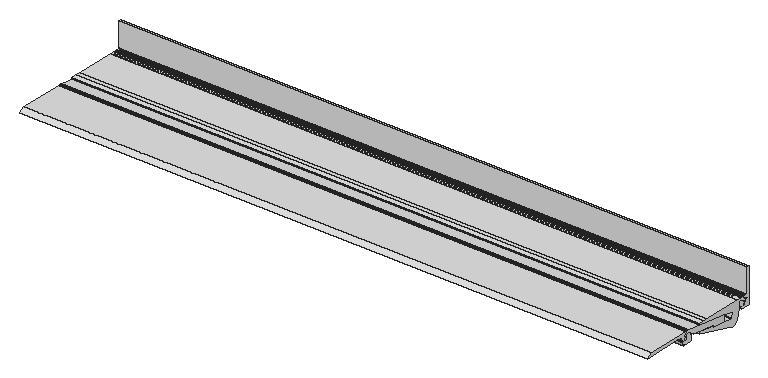
Revit family "Construction-Floors-Conecto-Aluminium Joints ALU AL.130.21", category Specialty Equipment, Revit 2015 (continued)
Definition of nested family "Standard"
  Automatic sketch dimensions
    Extrusion 18 sketch curve to Extrusion 18 sketch curve = 4.118 mm
    Extrusion 18 sketch curve to Extrusion 18 sketch curve = 0.069 mm
    Extrusion 18 sketch curve to Extrusion 18 sketch curve = 0.189 mm
    Extrusion 18 sketch curve to Extrusion 18 sketch curve = 0.132 mm
    Extrusion 18 sketch curve to Extrusion 18 sketch curve = 0.433 mm
    Extrusion 18 sketch curve to Extrusion 18 sketch curve = 0.556 mm
    Extrusion 18 sketch curve to Extrusion 18 sketch curve = 0.586 mm
    Extrusion 18 sketch curve to Extrusion 18 sketch curve = 0.467 mm
    Extrusion 18 sketch curve to Extrusion 18 sketch curve = 0.54 mm
    Extrusion 18 sketch curve to Extrusion 18 sketch curve = 0.734 mm
    Extrusion 18 sketch curve to Extrusion 18 sketch curve = 0.731 mm
    Extrusion 18 sketch curve to Extrusion 18 sketch curve = 0.807 mm
    Extrusion 18 sketch curve to Extrusion 18 sketch curve = 0.833 mm
    Extrusion 18 sketch curve to Extrusion 18 sketch curve = 0.78 mm
    Extrusion 18 sketch curve to Extrusion 18 sketch curve = 0.732 mm
    Extrusion 18 sketch curve to Extrusion 18 sketch curve = 0.914 mm
    plane 5 to Extrusion 18 sketch curve = 0.641 mm
    plane 5 to Extrusion 18 sketch curve = 0.242 mm
    Extrusion 18 sketch curve to Extrusion 18 sketch curve = 0.531 mm
    Extrusion 18 sketch curve to Extrusion 18 sketch curve = 0.532 mm
    Extrusion 18 sketch curve to Extrusion 18 sketch curve = 0.709 mm
    Extrusion 18 sketch curve to Extrusion 18 sketch curve = 0.883 mm
    Extrusion 18 sketch curve to Extrusion 18 sketch curve = 0.643 mm
    Extrusion 18 sketch curve to Extrusion 18 sketch curve = 0.964 mm
    Extrusion 18 sketch curve to Extrusion 18 sketch curve = 0.834 mm
    Extrusion 18 sketch curve to Extrusion 18 sketch curve = 2.188 mm
    Extrusion 18 sketch curve to Extrusion 18 sketch curve = 0.784 mm
    Extrusion 18 sketch curve to Extrusion 18 sketch curve = 1.019 mm
    Extrusion 18 sketch curve to Extrusion 18 sketch curve = 0.89 mm
    Extrusion 18 sketch curve to Extrusion 18 sketch curve = 1.097 mm
    Extrusion 18 sketch curve to Extrusion 18 sketch curve = 0.938 mm
    Extrusion 18 sketch curve to Extrusion 18 sketch curve = 1.103 mm
    Extrusion 18 sketch curve to Extrusion 18 sketch curve = 0.798 mm
    Extrusion 18 sketch curve to Extrusion 18 sketch curve = 1.151 mm
    Extrusion 18 sketch curve to Extrusion 18 sketch curve = 0.621 mm
    Extrusion 18 sketch curve to Extrusion 18 sketch curve = 0.495 mm
    Extrusion 18 sketch curve to Extrusion 18 sketch curve = 0.64 mm
    Extrusion 18 sketch curve to Extrusion 18 sketch curve = 0.31 mm
    Extrusion 18 sketch curve to Extrusion 18 sketch curve = 0.281 mm
    Extrusion 18 sketch curve to Extrusion 18 sketch curve = 0.157 mm
    Extrusion 18 sketch curve to Extrusion 18 sketch curve = 0.166 mm
    Extrusion 18 sketch curve to Extrusion 18 sketch curve = 0.93 mm
    Extrusion 18 sketch curve to Extrusion 18 sketch curve = 1.828 mm
    Extrusion 18 sketch curve to Extrusion 18 sketch curve = 1.04 mm
    Extrusion 18 sketch curve to Extrusion 18 sketch curve = 0.911 mm
    Extrusion 18 sketch curve to Extrusion 18 sketch curve = 0.491 mm
    Extrusion 18 sketch curve to Extrusion 18 sketch curve = 1.053 mm
    Extrusion 18 sketch curve to Extrusion 18 sketch curve = 1.425 mm
    plane 5 to Extrusion 19 sketch curve = 74.364 mm
    Extrusion 19 sketch curve to Extrusion 19 sketch curve = 0.43 mm
    Extrusion 19 sketch curve to Extrusion 19 sketch curve = 2.098 mm
    Extrusion 19 sketch curve to Extrusion 19 sketch curve = 1.054 mm  (x2)
    plane 5 to Extrusion 19 sketch curve = 17.556 mm
    Extrusion 19 sketch curve to Extrusion 19 sketch curve = 0.775 mm
    Extrusion 19 sketch curve to Extrusion 19 sketch curve = 0.377 mm
    Extrusion 19 sketch curve to Extrusion 19 sketch curve = 2.284 mm
    Extrusion 19 sketch curve to Extrusion 19 sketch curve = 0.065 mm
    Extrusion 19 sketch curve to Extrusion 19 sketch curve = 0.485 mm
    Extrusion 19 sketch curve to Extrusion 19 sketch curve = 0.623 mm  (x2)
    Extrusion 19 sketch curve to Extrusion 19 sketch curve = 1.105 mm
    Extrusion 19 sketch curve to Extrusion 19 sketch curve = 1.02 mm
    Extrusion 19 sketch curve to Extrusion 19 sketch curve = 0.107 mm
    Extrusion 19 sketch curve to Extrusion 19 sketch curve = 0.272 mm
    Extrusion 19 sketch curve to Extrusion 19 sketch curve = 0.182 mm
    Extrusion 19 sketch curve to Extrusion 19 sketch curve = 0.098 mm
    Extrusion 19 sketch curve to Extrusion 19 sketch curve = 4.529 mm
    Extrusion 19 sketch curve to Extrusion 19 sketch curve = 0.102 mm
    Extrusion 19 sketch curve to Extrusion 19 sketch curve = 0.291 mm
    Extrusion 19 sketch curve to Extrusion 19 sketch curve = 0.591 mm
    Extrusion 19 sketch curve to Extrusion 19 sketch curve = 0.304 mm
    Extrusion 19 sketch curve to Extrusion 19 sketch curve = 0.332 mm
    Extrusion 19 sketch curve to Extrusion 19 sketch curve = 0.574 mm
    Extrusion 19 sketch curve to Extrusion 19 sketch curve = 0.589 mm
    Extrusion 19 sketch curve to Extrusion 19 sketch curve = 0.534 mm
    Extrusion 19 sketch curve to Extrusion 19 sketch curve = 0.778 mm
    Extrusion 19 sketch curve to Extrusion 19 sketch curve = 2.296 mm
    Extrusion 19 sketch curve to Extrusion 19 sketch curve = 1.352 mm
    Extrusion 19 sketch curve to Extrusion 19 sketch curve = 4.118 mm
    Extrusion 19 sketch curve to Extrusion 19 sketch curve = 0.069 mm
    Extrusion 19 sketch curve to Extrusion 19 sketch curve = 0.189 mm
    Extrusion 19 sketch curve to Extrusion 19 sketch curve = 0.132 mm
    Extrusion 19 sketch curve to Extrusion 19 sketch curve = 0.433 mm
    Extrusion 19 sketch curve to Extrusion 19 sketch curve = 1.397 mm
    Extrusion 19 sketch curve to Extrusion 19 sketch curve = 0.556 mm
    Extrusion 19 sketch curve to Extrusion 19 sketch curve = 0.586 mm
    Extrusion 19 sketch curve to Extrusion 19 sketch curve = 0.467 mm
    Extrusion 19 sketch curve to Extrusion 19 sketch curve = 0.54 mm
    Extrusion 19 sketch curve to Extrusion 19 sketch curve = 4.097 mm
    Extrusion 19 sketch curve to Extrusion 19 sketch curve = 0.116 mm
    Extrusion 19 sketch curve to Extrusion 19 sketch curve = 1.064 mm
    Extrusion 19 sketch curve to Extrusion 19 sketch curve = 0.693 mm
    Extrusion 19 sketch curve to Extrusion 19 sketch curve = 0.734 mm  (x2)
    Extrusion 19 sketch curve to Extrusion 19 sketch curve = 0.249 mm
    Extrusion 19 sketch curve to Extrusion 19 sketch curve = 0.731 mm
    Extrusion 19 sketch curve to Extrusion 19 sketch curve = 0.807 mm
    Extrusion 19 sketch curve to Extrusion 19 sketch curve = 0.833 mm
    Extrusion 19 sketch curve to Extrusion 19 sketch curve = 0.78 mm
    Extrusion 19 sketch curve to Extrusion 19 sketch curve = 0.732 mm
    Extrusion 19 sketch curve to Extrusion 19 sketch curve = 0.914 mm
    plane 5 to Extrusion 19 sketch curve = 0.621 mm
    plane 5 to Extrusion 19 sketch curve = 0.222 mm
    Extrusion 19 sketch curve to Extrusion 19 sketch curve = 0.006 mm
    Extrusion 19 sketch curve to Extrusion 19 sketch curve = 0.829 mm
    Extrusion 19 sketch curve to Extrusion 19 sketch curve = 0.931 mm
    Extrusion 19 sketch curve to Extrusion 19 sketch curve = 0.856 mm
    Extrusion 19 sketch curve to Extrusion 19 sketch curve = 0.688 mm
    Extrusion 19 sketch curve to Extrusion 19 sketch curve = 1.414 mm
    Extrusion 19 sketch curve to Extrusion 19 sketch curve = 0.532 mm
    Extrusion 19 sketch curve to Extrusion 19 sketch curve = 0.883 mm
    Extrusion 19 sketch curve to Extrusion 19 sketch curve = 0.643 mm
    Extrusion 19 sketch curve to Extrusion 19 sketch curve = 0.964 mm
    Extrusion 19 sketch curve to Extrusion 19 sketch curve = 0.834 mm
    Extrusion 19 sketch curve to Extrusion 19 sketch curve = 2.188 mm
    Extrusion 19 sketch curve to Extrusion 19 sketch curve = 0.784 mm
    Extrusion 19 sketch curve to Extrusion 19 sketch curve = 1.019 mm
    Extrusion 19 sketch curve to Extrusion 19 sketch curve = 0.89 mm
    Extrusion 19 sketch curve to Extrusion 19 sketch curve = 1.097 mm
    Extrusion 19 sketch curve to Extrusion 19 sketch curve = 0.938 mm
    Extrusion 19 sketch curve to Extrusion 19 sketch curve = 1.103 mm
    Extrusion 19 sketch curve to Extrusion 19 sketch curve = 0.798 mm
    Extrusion 19 sketch curve to Extrusion 19 sketch curve = 1.151 mm
    Extrusion 19 sketch curve to Extrusion 19 sketch curve = 0.621 mm
    Extrusion 19 sketch curve to Extrusion 19 sketch curve = 0.495 mm
    Extrusion 19 sketch curve to Extrusion 19 sketch curve = 0.64 mm
    Extrusion 19 sketch curve to Extrusion 19 sketch curve = 0.31 mm
    Extrusion 19 sketch curve to Extrusion 19 sketch curve = 0.281 mm
    Extrusion 19 sketch curve to Extrusion 19 sketch curve = 0.157 mm
    Extrusion 19 sketch curve to Extrusion 19 sketch curve = 0.166 mm
    Extrusion 19 sketch curve to Extrusion 19 sketch curve = 0.93 mm
    Extrusion 19 sketch curve to Extrusion 19 sketch curve = 1.828 mm
    Extrusion 19 sketch curve to Extrusion 19 sketch curve = 1.04 mm
    Extrusion 19 sketch curve to Extrusion 19 sketch curve = 0.911 mm
    Extrusion 19 sketch curve to Extrusion 19 sketch curve = 0.491 mm
    Extrusion 19 sketch curve to Extrusion 19 sketch curve = 1.053 mm
    Extrusion 19 sketch curve to Extrusion 19 sketch curve = 2.626 mm
    plane 5 to Extrusion 20 sketch curve = 74.226 mm
    Extrusion 20 sketch curve to Extrusion 20 sketch curve = 0.749 mm
    Extrusion 20 sketch curve to Extrusion 20 sketch curve = 1.78 mm
    Extrusion 20 sketch curve to Extrusion 20 sketch curve = 1.537 mm
    Extrusion 20 sketch curve to Extrusion 20 sketch curve = 1.854 mm
    plane 5 to Extrusion 20 sketch curve = 16.416 mm
    Extrusion 20 sketch curve to Extrusion 20 sketch curve = 0.43 mm
    Extrusion 20 sketch curve to Extrusion 20 sketch curve = 2.284 mm
    Extrusion 20 sketch curve to Extrusion 20 sketch curve = 0.065 mm
    Extrusion 20 sketch curve to Extrusion 20 sketch curve = 0.485 mm
    Extrusion 20 sketch curve to Extrusion 20 sketch curve = 0.623 mm  (x2)
    Extrusion 20 sketch curve to Extrusion 20 sketch curve = 3.012 mm
    Extrusion 20 sketch curve to Extrusion 20 sketch curve = 3.271 mm
    Extrusion 20 sketch curve to Extrusion 20 sketch curve = 1.105 mm
    Extrusion 20 sketch curve to Extrusion 20 sketch curve = 1.02 mm
    Extrusion 20 sketch curve to Extrusion 20 sketch curve = 0.107 mm
    Extrusion 20 sketch curve to Extrusion 20 sketch curve = 0.272 mm
    Extrusion 20 sketch curve to Extrusion 20 sketch curve = 0.182 mm
    Extrusion 20 sketch curve to Extrusion 20 sketch curve = 0.098 mm
    Extrusion 20 sketch curve to Extrusion 20 sketch curve = 0.803 mm
    Extrusion 20 sketch curve to Extrusion 20 sketch curve = 1.154 mm
    Extrusion 20 sketch curve to Extrusion 20 sketch curve = 0.591 mm  (x2)
    Extrusion 20 sketch curve to Extrusion 20 sketch curve = 1.054 mm
    Extrusion 20 sketch curve to Extrusion 20 sketch curve = 0.626 mm
    Extrusion 20 sketch curve to Extrusion 20 sketch curve = 0.332 mm
    Extrusion 20 sketch curve to Extrusion 20 sketch curve = 0.589 mm
    Extrusion 20 sketch curve to Extrusion 20 sketch curve = 0.908 mm
    Extrusion 20 sketch curve to Extrusion 20 sketch curve = 2.519 mm
    Extrusion 20 sketch curve to Extrusion 20 sketch curve = 2.296 mm
    Extrusion 20 sketch curve to Extrusion 20 sketch curve = 1.233 mm
    Extrusion 20 sketch curve to Extrusion 20 sketch curve = 4.118 mm
    Extrusion 20 sketch curve to Extrusion 20 sketch curve = 0.069 mm
    Extrusion 20 sketch curve to Extrusion 20 sketch curve = 0.189 mm
    Extrusion 20 sketch curve to Extrusion 20 sketch curve = 0.132 mm
    Extrusion 20 sketch curve to Extrusion 20 sketch curve = 1.181 mm
    Extrusion 20 sketch curve to Extrusion 20 sketch curve = 0.433 mm
    Extrusion 20 sketch curve to Extrusion 20 sketch curve = 0.556 mm
    Extrusion 20 sketch curve to Extrusion 20 sketch curve = 0.586 mm
    Extrusion 20 sketch curve to Extrusion 20 sketch curve = 2.086 mm
    Extrusion 20 sketch curve to Extrusion 20 sketch curve = 0.54 mm
    Extrusion 20 sketch curve to Extrusion 20 sketch curve = 1.13 mm
    Extrusion 20 sketch curve to Extrusion 20 sketch curve = 0.926 mm
    Extrusion 20 sketch curve to Extrusion 20 sketch curve = 0.734 mm
    Extrusion 20 sketch curve to Extrusion 20 sketch curve = 0.939 mm  (x2)
    Extrusion 20 sketch curve to Extrusion 20 sketch curve = 0.654 mm
    Extrusion 20 sketch curve to Extrusion 20 sketch curve = 0.731 mm
    Extrusion 20 sketch curve to Extrusion 20 sketch curve = 0.456 mm
    Extrusion 20 sketch curve to Extrusion 20 sketch curve = 0.807 mm
    Extrusion 20 sketch curve to Extrusion 20 sketch curve = 0.833 mm
    Extrusion 20 sketch curve to Extrusion 20 sketch curve = 0.78 mm
    Extrusion 20 sketch curve to Extrusion 20 sketch curve = 0.732 mm
    Extrusion 20 sketch curve to Extrusion 20 sketch curve = 0.914 mm
    plane 5 to Extrusion 20 sketch curve = 0.633 mm
    plane 5 to Extrusion 20 sketch curve = 0.234 mm
    Extrusion 20 sketch curve to Extrusion 20 sketch curve = 12.646 mm
    Extrusion 20 sketch curve to Extrusion 20 sketch curve = 1.028 mm
    Extrusion 20 sketch curve to Extrusion 20 sketch curve = 0.44 mm
    Extrusion 20 sketch curve to Extrusion 20 sketch curve = 0.145 mm
    Extrusion 20 sketch curve to Extrusion 20 sketch curve = 0.151 mm
    Extrusion 20 sketch curve to Extrusion 20 sketch curve = 0.462 mm
    Extrusion 20 sketch curve to Extrusion 20 sketch curve = 0.576 mm
    Extrusion 20 sketch curve to Extrusion 20 sketch curve = 0.472 mm
    Extrusion 20 sketch curve to Extrusion 20 sketch curve = 1.607 mm
    Extrusion 20 sketch curve to Extrusion 20 sketch curve = 1.617 mm
    Extrusion 20 sketch curve to Extrusion 20 sketch curve = 1.074 mm
    Extrusion 20 sketch curve to Extrusion 20 sketch curve = 0.934 mm
    Extrusion 20 sketch curve to Extrusion 20 sketch curve = 0.532 mm
    Extrusion 20 sketch curve to Extrusion 20 sketch curve = 0.883 mm
    Extrusion 20 sketch curve to Extrusion 20 sketch curve = 0.643 mm
    Extrusion 20 sketch curve to Extrusion 20 sketch curve = 0.161 mm
    Extrusion 20 sketch curve to Extrusion 20 sketch curve = 0.964 mm
    Extrusion 20 sketch curve to Extrusion 20 sketch curve = 0.834 mm
    Extrusion 20 sketch curve to Extrusion 20 sketch curve = 2.188 mm
    Extrusion 20 sketch curve to Extrusion 20 sketch curve = 0.784 mm
    Extrusion 20 sketch curve to Extrusion 20 sketch curve = 1.019 mm
    Extrusion 20 sketch curve to Extrusion 20 sketch curve = 0.89 mm
    Extrusion 20 sketch curve to Extrusion 20 sketch curve = 1.097 mm
    Extrusion 20 sketch curve to Extrusion 20 sketch curve = 0.938 mm
    Extrusion 20 sketch curve to Extrusion 20 sketch curve = 1.103 mm
    Extrusion 20 sketch curve to Extrusion 20 sketch curve = 0.798 mm
    Extrusion 20 sketch curve to Extrusion 20 sketch curve = 1.151 mm
    Extrusion 20 sketch curve to Extrusion 20 sketch curve = 0.621 mm
    Extrusion 20 sketch curve to Extrusion 20 sketch curve = 0.495 mm
    Extrusion 20 sketch curve to Extrusion 20 sketch curve = 0.64 mm
    Extrusion 20 sketch curve to Extrusion 20 sketch curve = 0.31 mm
    Extrusion 20 sketch curve to Extrusion 20 sketch curve = 0.281 mm
    Extrusion 20 sketch curve to Extrusion 20 sketch curve = 0.157 mm
    Extrusion 20 sketch curve to Extrusion 20 sketch curve = 0.166 mm
    Extrusion 20 sketch curve to Extrusion 20 sketch curve = 0.93 mm
    Extrusion 20 sketch curve to Extrusion 20 sketch curve = 1.828 mm
    Extrusion 20 sketch curve to Extrusion 20 sketch curve = 1.04 mm
    Extrusion 20 sketch curve to Extrusion 20 sketch curve = 0.911 mm
    Extrusion 20 sketch curve to Extrusion 20 sketch curve = 0.491 mm
    Extrusion 20 sketch curve to Extrusion 20 sketch curve = 1.053 mm
    Extrusion 20 sketch curve to Extrusion 20 sketch curve = 2.626 mm
    plane 6 to Extrusion 21 sketch curve = 76.237 mm
    Extrusion 21 sketch curve to Extrusion 21 sketch curve = 0.134 mm
    Extrusion 21 sketch curve to Extrusion 21 sketch curve = 0.685 mm  (x2)
    Extrusion 21 sketch curve to Extrusion 21 sketch curve = 0.826 mm
    Extrusion 21 sketch curve to Extrusion 21 sketch curve = 1.425 mm
    Extrusion 21 sketch curve to Extrusion 21 sketch curve = 2.078 mm
    plane 6 to Extrusion 21 sketch curve = 16.425 mm
    Extrusion 21 sketch curve to Extrusion 21 sketch curve = 0.009 mm
    Extrusion 21 sketch curve to Extrusion 21 sketch curve = 0.041 mm
    Extrusion 21 sketch curve to Extrusion 21 sketch curve = 0.911 mm  (x2)
    Extrusion 21 sketch curve to Extrusion 21 sketch curve = 2.3 mm
    Extrusion 21 sketch curve to Extrusion 21 sketch curve = 2.339 mm
    Extrusion 21 sketch curve to Extrusion 21 sketch curve = 0.027 mm
    Extrusion 21 sketch curve to Extrusion 21 sketch curve = 0.499 mm
    Extrusion 21 sketch curve to Extrusion 21 sketch curve = 0.837 mm
    Extrusion 21 sketch curve to Extrusion 21 sketch curve = 0.786 mm  (x2)
    Extrusion 21 sketch curve to Extrusion 21 sketch curve = 0.774 mm  (x2)
    Extrusion 21 sketch curve to Extrusion 21 sketch curve = 0.425 mm
    Extrusion 21 sketch curve to Extrusion 21 sketch curve = 0.097 mm
    Extrusion 21 sketch curve to Extrusion 21 sketch curve = 0.246 mm
    Extrusion 21 sketch curve to Extrusion 21 sketch curve = 0.831 mm
    Extrusion 21 sketch curve to Extrusion 21 sketch curve = 0.349 mm
    Extrusion 21 sketch curve to Extrusion 21 sketch curve = 0.778 mm
    Extrusion 21 sketch curve to Extrusion 21 sketch curve = 0.491 mm  (x2)
    plane 6 to Extrusion 21 sketch curve = 11.198 mm
    Extrusion 21 sketch curve to Extrusion 21 sketch curve = 0.697 mm
    Extrusion 21 sketch curve to Extrusion 21 sketch curve = 3.355 mm
    Extrusion 21 sketch curve to Extrusion 21 sketch curve = 0.719 mm
    Extrusion 21 sketch curve to Extrusion 21 sketch curve = 0.595 mm
    Extrusion 21 sketch curve to Extrusion 21 sketch curve = 0.672 mm
    Extrusion 21 sketch curve to Extrusion 21 sketch curve = 0.908 mm
    Extrusion 21 sketch curve to Extrusion 21 sketch curve = 0.74 mm
    Extrusion 21 sketch curve to Extrusion 21 sketch curve = 0.885 mm  (x2)
    Extrusion 21 sketch curve to Extrusion 21 sketch curve = 0.607 mm
    Extrusion 21 sketch curve to Extrusion 21 sketch curve = 0.827 mm
    Extrusion 21 sketch curve to Extrusion 21 sketch curve = 2.153 mm
    Extrusion 21 sketch curve to Extrusion 21 sketch curve = 0.459 mm
    Extrusion 21 sketch curve to Extrusion 21 sketch curve = 0.775 mm
    Extrusion 21 sketch curve to Extrusion 21 sketch curve = 0.787 mm
    Extrusion 21 sketch curve to Extrusion 21 sketch curve = 4.161 mm
    Extrusion 21 sketch curve to Extrusion 21 sketch curve = 0.155 mm
    Extrusion 21 sketch curve to Extrusion 21 sketch curve = 2.645 mm
    Extrusion 21 sketch curve to Extrusion 21 sketch curve = 0.258 mm
    Extrusion 21 sketch curve to Extrusion 21 sketch curve = 0.789 mm
    Extrusion 21 sketch curve to Extrusion 21 sketch curve = 0.379 mm
    Extrusion 21 sketch curve to Extrusion 21 sketch curve = 0.889 mm
    Extrusion 21 sketch curve to Extrusion 21 sketch curve = 0.488 mm
    Extrusion 21 sketch curve to Extrusion 21 sketch curve = 1.704 mm
    Extrusion 21 sketch curve to Extrusion 21 sketch curve = 0.741 mm
    Extrusion 21 sketch curve to Extrusion 21 sketch curve = 0.656 mm  (x2)
    Extrusion 21 sketch curve to Extrusion 21 sketch curve = 0.298 mm
    Extrusion 21 sketch curve to Extrusion 21 sketch curve = 0.771 mm
    Extrusion 21 sketch curve to Extrusion 21 sketch curve = 0.877 mm
    Extrusion 21 sketch curve to Extrusion 21 sketch curve = 0.492 mm
    Extrusion 21 sketch curve to Extrusion 21 sketch curve = 0.714 mm
    Extrusion 21 sketch curve to Extrusion 21 sketch curve = 0.418 mm
    Extrusion 21 sketch curve to Extrusion 21 sketch curve = 0.776 mm
    Extrusion 21 sketch curve to Extrusion 21 sketch curve = 0.629 mm
    Extrusion 21 sketch curve to Extrusion 21 sketch curve = 0.721 mm
    Extrusion 21 sketch curve to Extrusion 21 sketch curve = 0.523 mm
    Extrusion 21 sketch curve to Extrusion 21 sketch curve = 0.922 mm
    Extrusion 21 sketch curve to Extrusion 21 sketch curve = 0.347 mm
    Extrusion 21 sketch curve to Extrusion 21 sketch curve = 0.484 mm
    Extrusion 21 sketch curve to Extrusion 21 sketch curve = 0.085 mm
    Extrusion 21 sketch curve to Extrusion 21 sketch curve = 0.931 mm
    Extrusion 21 sketch curve to Extrusion 21 sketch curve = 0.833 mm
    plane 6 to Extrusion 21 sketch curve = 2.025 mm  (x2)
    Extrusion 21 sketch curve to Extrusion 21 sketch curve = 0.81 mm
    plane 6 to Extrusion 21 sketch curve = 0.891 mm  (x2)
    plane 6 to Extrusion 21 sketch curve = 0.11 mm
    Extrusion 21 sketch curve to Extrusion 21 sketch curve = 0.601 mm
    Extrusion 21 sketch curve to Extrusion 21 sketch curve = 0.78 mm
    Extrusion 21 sketch curve to Extrusion 21 sketch curve = 0.804 mm
    Extrusion 21 sketch curve to Extrusion 21 sketch curve = 0.811 mm
    Extrusion 21 sketch curve to Extrusion 21 sketch curve = 2.532 mm
    Extrusion 21 sketch curve to Extrusion 21 sketch curve = 0.993 mm
    Extrusion 21 sketch curve to Extrusion 21 sketch curve = 0.391 mm
    Extrusion 21 sketch curve to Extrusion 21 sketch curve = 0.063 mm
    Extrusion 21 sketch curve to Extrusion 21 sketch curve = 0.673 mm
    Extrusion 21 sketch curve to Extrusion 21 sketch curve = 0.38 mm
    Extrusion 21 sketch curve to Extrusion 21 sketch curve = 0.252 mm
    Extrusion 21 sketch curve to Extrusion 21 sketch curve = 0.151 mm
    Extrusion 21 sketch curve to Extrusion 21 sketch curve = 3.295 mm  (x2)
    Extrusion 21 sketch curve to Extrusion 21 sketch curve = 2.553 mm
    Extrusion 21 sketch curve to Extrusion 21 sketch curve = 0.406 mm
    Extrusion 21 sketch curve to Extrusion 21 sketch curve = 3.77 mm
    Extrusion 21 sketch curve to Extrusion 21 sketch curve = 0.794 mm
    Extrusion 21 sketch curve to Extrusion 21 sketch curve = 63.318 mm
    Extrusion 21 sketch curve to Extrusion 21 sketch curve = 1.56 mm
    Extrusion 21 sketch curve to Extrusion 21 sketch curve = 0.918 mm
    Extrusion 21 sketch curve to Extrusion 21 sketch curve = 0.284 mm
    Extrusion 21 sketch curve to Extrusion 21 sketch curve = 0.587 mm
    Extrusion 21 sketch curve to Extrusion 21 sketch curve = 1.2 mm
    Extrusion 21 sketch curve to Extrusion 21 sketch curve = 1.911 mm
    Extrusion 21 sketch curve to Extrusion 21 sketch curve = 0.578 mm
    Extrusion 21 sketch curve to Extrusion 21 sketch curve = 4.832 mm
    Extrusion 21 sketch curve to Extrusion 21 sketch curve = 0.912 mm
    Extrusion 21 sketch curve to Extrusion 21 sketch curve = 0.917 mm
    Extrusion 21 sketch curve to Extrusion 21 sketch curve = 2.428 mm
    Extrusion 21 sketch curve to Extrusion 21 sketch curve = 0.795 mm
    Extrusion 21 sketch curve to Extrusion 21 sketch curve = 0.87 mm
    Extrusion 21 sketch curve to Extrusion 21 sketch curve = 2.001 mm
    Extrusion 21 sketch curve to Extrusion 21 sketch curve = 1.1 mm
    Extrusion 21 sketch curve to Extrusion 21 sketch curve = 1.105 mm
    Extrusion 21 sketch curve to Extrusion 21 sketch curve = 1.16 mm
    Extrusion 21 sketch curve to Extrusion 21 sketch curve = 0.798 mm
    Extrusion 21 sketch curve to Extrusion 21 sketch curve = 0.812 mm
    Extrusion 21 sketch curve to Extrusion 21 sketch curve = 1.3 mm
    Extrusion 21 sketch curve to Extrusion 21 sketch curve = 1.589 mm
    Extrusion 21 sketch curve to Extrusion 21 sketch curve = 0.729 mm
    Extrusion 21 sketch curve to Extrusion 21 sketch curve = 0.181 mm
    Extrusion 21 sketch curve to Extrusion 21 sketch curve = 0.71 mm
    Extrusion 21 sketch curve to Extrusion 21 sketch curve = 0.699 mm
    Extrusion 21 sketch curve to Extrusion 21 sketch curve = 0.638 mm
    Extrusion 21 sketch curve to Extrusion 21 sketch curve = 0.506 mm
    Extrusion 21 sketch curve to Extrusion 21 sketch curve = 0.373 mm
    Extrusion 21 sketch curve to Extrusion 21 sketch curve = 0.208 mm
    Extrusion 21 sketch curve to Extrusion 21 sketch curve = 0.144 mm
    Extrusion 21 sketch curve to Extrusion 21 sketch curve = 1.895 mm
    Extrusion 21 sketch curve to Extrusion 21 sketch curve = 0.735 mm
    Extrusion 21 sketch curve to Extrusion 21 sketch curve = 1.073 mm  (x2)
    Extrusion 21 sketch curve to Extrusion 21 sketch curve = 0.031 mm
    Extrusion 21 sketch curve to Extrusion 21 sketch curve = 0.237 mm
    Extrusion 21 sketch curve to Extrusion 21 sketch curve = 0.765 mm
    Extrusion 21 sketch curve to Extrusion 21 sketch curve = 2.288 mm
    plane 6 to Extrusion 22 sketch curve = 76.237 mm
    Extrusion 22 sketch curve to Extrusion 22 sketch curve = 0.134 mm
    Extrusion 22 sketch curve to Extrusion 22 sketch curve = 0.685 mm  (x2)
    Extrusion 22 sketch curve to Extrusion 22 sketch curve = 0.826 mm
    Extrusion 22 sketch curve to Extrusion 22 sketch curve = 1.425 mm
    Extrusion 22 sketch curve to Extrusion 22 sketch curve = 2.071 mm
    plane 6 to Extrusion 22 sketch curve = 16.425 mm
    Extrusion 22 sketch curve to Extrusion 22 sketch curve = 0.009 mm
    Extrusion 22 sketch curve to Extrusion 22 sketch curve = 0.041 mm
    Extrusion 22 sketch curve to Extrusion 22 sketch curve = 0.911 mm  (x2)
    Extrusion 22 sketch curve to Extrusion 22 sketch curve = 2.3 mm
    Extrusion 22 sketch curve to Extrusion 22 sketch curve = 2.339 mm
    Extrusion 22 sketch curve to Extrusion 22 sketch curve = 0.027 mm
    Extrusion 22 sketch curve to Extrusion 22 sketch curve = 0.499 mm
    Extrusion 22 sketch curve to Extrusion 22 sketch curve = 0.837 mm
    Extrusion 22 sketch curve to Extrusion 22 sketch curve = 0.786 mm  (x2)
    Extrusion 22 sketch curve to Extrusion 22 sketch curve = 0.774 mm  (x2)
    Extrusion 22 sketch curve to Extrusion 22 sketch curve = 0.425 mm
    Extrusion 22 sketch curve to Extrusion 22 sketch curve = 0.097 mm
    Extrusion 22 sketch curve to Extrusion 22 sketch curve = 0.246 mm
    Extrusion 22 sketch curve to Extrusion 22 sketch curve = 0.831 mm
    Extrusion 22 sketch curve to Extrusion 22 sketch curve = 0.349 mm
    Extrusion 22 sketch curve to Extrusion 22 sketch curve = 0.778 mm
    Extrusion 22 sketch curve to Extrusion 22 sketch curve = 0.491 mm  (x2)
    Extrusion 22 sketch curve to Extrusion 22 sketch curve = 0.697 mm
    Extrusion 22 sketch curve to Extrusion 22 sketch curve = 3.355 mm
    Extrusion 22 sketch curve to Extrusion 22 sketch curve = 0.719 mm
    Extrusion 22 sketch curve to Extrusion 22 sketch curve = 0.595 mm
    Extrusion 22 sketch curve to Extrusion 22 sketch curve = 0.672 mm
    Extrusion 22 sketch curve to Extrusion 22 sketch curve = 0.908 mm
    Extrusion 22 sketch curve to Extrusion 22 sketch curve = 0.74 mm
    Extrusion 22 sketch curve to Extrusion 22 sketch curve = 0.885 mm  (x2)
    Extrusion 22 sketch curve to Extrusion 22 sketch curve = 0.607 mm
    Extrusion 22 sketch curve to Extrusion 22 sketch curve = 0.827 mm
    Extrusion 22 sketch curve to Extrusion 22 sketch curve = 0.459 mm
    plane 6 to Extrusion 22 sketch curve = 8.705 mm
    Extrusion 22 sketch curve to Extrusion 22 sketch curve = 0.775 mm
    Extrusion 22 sketch curve to Extrusion 22 sketch curve = 0.787 mm
    Extrusion 22 sketch curve to Extrusion 22 sketch curve = 4.161 mm
    Extrusion 22 sketch curve to Extrusion 22 sketch curve = 0.155 mm
    Extrusion 22 sketch curve to Extrusion 22 sketch curve = 2.645 mm
    Extrusion 22 sketch curve to Extrusion 22 sketch curve = 0.258 mm
    Extrusion 22 sketch curve to Extrusion 22 sketch curve = 0.789 mm
    Extrusion 22 sketch curve to Extrusion 22 sketch curve = 0.379 mm
    Extrusion 22 sketch curve to Extrusion 22 sketch curve = 0.889 mm
    Extrusion 22 sketch curve to Extrusion 22 sketch curve = 0.488 mm
    Extrusion 22 sketch curve to Extrusion 22 sketch curve = 0.741 mm
    Extrusion 22 sketch curve to Extrusion 22 sketch curve = 0.656 mm  (x2)
    Extrusion 22 sketch curve to Extrusion 22 sketch curve = 0.298 mm
    Extrusion 22 sketch curve to Extrusion 22 sketch curve = 2.115 mm
    Extrusion 22 sketch curve to Extrusion 22 sketch curve = 0.877 mm
    Extrusion 22 sketch curve to Extrusion 22 sketch curve = 0.492 mm
    Extrusion 22 sketch curve to Extrusion 22 sketch curve = 0.714 mm
    Extrusion 22 sketch curve to Extrusion 22 sketch curve = 0.273 mm
    Extrusion 22 sketch curve to Extrusion 22 sketch curve = 0.776 mm
    Extrusion 22 sketch curve to Extrusion 22 sketch curve = 0.629 mm
    Extrusion 22 sketch curve to Extrusion 22 sketch curve = 0.721 mm
    Extrusion 22 sketch curve to Extrusion 22 sketch curve = 0.523 mm
    Extrusion 22 sketch curve to Extrusion 22 sketch curve = 0.922 mm
    Extrusion 22 sketch curve to Extrusion 22 sketch curve = 0.347 mm
    Extrusion 22 sketch curve to Extrusion 22 sketch curve = 0.484 mm
    Extrusion 22 sketch curve to Extrusion 22 sketch curve = 0.085 mm
    Extrusion 22 sketch curve to Extrusion 22 sketch curve = 0.931 mm
    Extrusion 22 sketch curve to Extrusion 22 sketch curve = 0.833 mm
    plane 6 to Extrusion 22 sketch curve = 2.025 mm  (x2)
    Extrusion 22 sketch curve to Extrusion 22 sketch curve = 0.81 mm
    plane 6 to Extrusion 22 sketch curve = 0.891 mm  (x2)
    plane 6 to Extrusion 22 sketch curve = 0.11 mm
    Extrusion 22 sketch curve to Extrusion 22 sketch curve = 0.218 mm
    Extrusion 22 sketch curve to Extrusion 22 sketch curve = 0.428 mm
    Extrusion 22 sketch curve to Extrusion 22 sketch curve = 0.38 mm
    Extrusion 22 sketch curve to Extrusion 22 sketch curve = 0.252 mm
    Extrusion 22 sketch curve to Extrusion 22 sketch curve = 0.151 mm
    Extrusion 22 sketch curve to Extrusion 22 sketch curve = 1.986 mm
    Extrusion 22 sketch curve to Extrusion 22 sketch curve = 2.553 mm
    Extrusion 22 sketch curve to Extrusion 22 sketch curve = 0.406 mm
    Extrusion 22 sketch curve to Extrusion 22 sketch curve = 3.77 mm
    Extrusion 22 sketch curve to Extrusion 22 sketch curve = 0.794 mm
    Extrusion 22 sketch curve to Extrusion 22 sketch curve = 53.088 mm
    Extrusion 22 sketch curve to Extrusion 22 sketch curve = 1.637 mm
    Extrusion 22 sketch curve to Extrusion 22 sketch curve = 1.221 mm
    Extrusion 22 sketch curve to Extrusion 22 sketch curve = 1.196 mm
    Extrusion 22 sketch curve to Extrusion 22 sketch curve = 1.911 mm
    Extrusion 22 sketch curve to Extrusion 22 sketch curve = 0.578 mm
    Extrusion 22 sketch curve to Extrusion 22 sketch curve = 0.175 mm
    Extrusion 22 sketch curve to Extrusion 22 sketch curve = 0.673 mm
    Extrusion 22 sketch curve to Extrusion 22 sketch curve = 3.295 mm  (x2)
    Extrusion 22 sketch curve to Extrusion 22 sketch curve = 0.993 mm
    Extrusion 22 sketch curve to Extrusion 22 sketch curve = 0.811 mm
    Extrusion 22 sketch curve to Extrusion 22 sketch curve = 0.804 mm
    Extrusion 22 sketch curve to Extrusion 22 sketch curve = 2.532 mm
    Extrusion 22 sketch curve to Extrusion 22 sketch curve = 0.601 mm
    Extrusion 22 sketch curve to Extrusion 22 sketch curve = 0.912 mm
    Extrusion 22 sketch curve to Extrusion 22 sketch curve = 0.917 mm
    Extrusion 22 sketch curve to Extrusion 22 sketch curve = 2.428 mm
    Extrusion 22 sketch curve to Extrusion 22 sketch curve = 0.795 mm
    Extrusion 22 sketch curve to Extrusion 22 sketch curve = 0.87 mm
    Extrusion 22 sketch curve to Extrusion 22 sketch curve = 2.001 mm
    Extrusion 22 sketch curve to Extrusion 22 sketch curve = 1.1 mm
    Extrusion 22 sketch curve to Extrusion 22 sketch curve = 1.105 mm
    Extrusion 22 sketch curve to Extrusion 22 sketch curve = 1.16 mm
    Extrusion 22 sketch curve to Extrusion 22 sketch curve = 0.798 mm
    Extrusion 22 sketch curve to Extrusion 22 sketch curve = 0.812 mm
    Extrusion 22 sketch curve to Extrusion 22 sketch curve = 1.3 mm
    Extrusion 22 sketch curve to Extrusion 22 sketch curve = 1.589 mm
    Extrusion 22 sketch curve to Extrusion 22 sketch curve = 0.729 mm
    Extrusion 22 sketch curve to Extrusion 22 sketch curve = 0.181 mm
    Extrusion 22 sketch curve to Extrusion 22 sketch curve = 0.71 mm
    Extrusion 22 sketch curve to Extrusion 22 sketch curve = 0.699 mm
    Extrusion 22 sketch curve to Extrusion 22 sketch curve = 0.638 mm
    Extrusion 22 sketch curve to Extrusion 22 sketch curve = 0.506 mm
    Extrusion 22 sketch curve to Extrusion 22 sketch curve = 0.373 mm
    Extrusion 22 sketch curve to Extrusion 22 sketch curve = 0.208 mm
    Extrusion 22 sketch curve to Extrusion 22 sketch curve = 0.144 mm
    Extrusion 22 sketch curve to Extrusion 22 sketch curve = 1.895 mm
    Extrusion 22 sketch curve to Extrusion 22 sketch curve = 0.735 mm
    Extrusion 22 sketch curve to Extrusion 22 sketch curve = 1.073 mm  (x2)
    Extrusion 22 sketch curve to Extrusion 22 sketch curve = 0.031 mm
    Extrusion 22 sketch curve to Extrusion 22 sketch curve = 0.237 mm
    Extrusion 22 sketch curve to Extrusion 22 sketch curve = 0.765 mm
    Extrusion 22 sketch curve to Extrusion 22 sketch curve = 1.007 mm
    plane 6 to Extrusion 23 sketch curve = 76.337 mm
    Extrusion 23 sketch curve to Extrusion 23 sketch curve = 0.134 mm
    Extrusion 23 sketch curve to Extrusion 23 sketch curve = 0.685 mm  (x2)
    Extrusion 23 sketch curve to Extrusion 23 sketch curve = 0.826 mm
    Extrusion 23 sketch curve to Extrusion 23 sketch curve = 1.425 mm
    Extrusion 23 sketch curve to Extrusion 23 sketch curve = 2.203 mm
    plane 6 to Extrusion 23 sketch curve = 16.425 mm
    Extrusion 23 sketch curve to Extrusion 23 sketch curve = 0.009 mm
    Extrusion 23 sketch curve to Extrusion 23 sketch curve = 0.032 mm
    Extrusion 23 sketch curve to Extrusion 23 sketch curve = 0.911 mm  (x2)
    Extrusion 23 sketch curve to Extrusion 23 sketch curve = 2.3 mm
    Extrusion 23 sketch curve to Extrusion 23 sketch curve = 2.339 mm
    Extrusion 23 sketch curve to Extrusion 23 sketch curve = 0.027 mm
    Extrusion 23 sketch curve to Extrusion 23 sketch curve = 0.499 mm
    Extrusion 23 sketch curve to Extrusion 23 sketch curve = 0.837 mm
    Extrusion 23 sketch curve to Extrusion 23 sketch curve = 0.786 mm  (x2)
    Extrusion 23 sketch curve to Extrusion 23 sketch curve = 0.774 mm  (x2)
    Extrusion 23 sketch curve to Extrusion 23 sketch curve = 0.425 mm
    Extrusion 23 sketch curve to Extrusion 23 sketch curve = 0.097 mm
    Extrusion 23 sketch curve to Extrusion 23 sketch curve = 0.246 mm
    Extrusion 23 sketch curve to Extrusion 23 sketch curve = 0.831 mm
    Extrusion 23 sketch curve to Extrusion 23 sketch curve = 0.349 mm
    Extrusion 23 sketch curve to Extrusion 23 sketch curve = 0.778 mm
    Extrusion 23 sketch curve to Extrusion 23 sketch curve = 0.491 mm  (x2)
    plane 6 to Extrusion 23 sketch curve = 11.216 mm
    Extrusion 23 sketch curve to Extrusion 23 sketch curve = 0.697 mm
    Extrusion 23 sketch curve to Extrusion 23 sketch curve = 3.355 mm
    Extrusion 23 sketch curve to Extrusion 23 sketch curve = 0.719 mm
    Extrusion 23 sketch curve to Extrusion 23 sketch curve = 0.595 mm
    Extrusion 23 sketch curve to Extrusion 23 sketch curve = 0.672 mm
    Extrusion 23 sketch curve to Extrusion 23 sketch curve = 0.908 mm
    Extrusion 23 sketch curve to Extrusion 23 sketch curve = 0.74 mm
    Extrusion 23 sketch curve to Extrusion 23 sketch curve = 0.885 mm  (x2)
    Extrusion 23 sketch curve to Extrusion 23 sketch curve = 0.607 mm
    Extrusion 23 sketch curve to Extrusion 23 sketch curve = 0.827 mm
    Extrusion 23 sketch curve to Extrusion 23 sketch curve = 0.459 mm
    Extrusion 23 sketch curve to Extrusion 23 sketch curve = 0.775 mm
    Extrusion 23 sketch curve to Extrusion 23 sketch curve = 2.808 mm
    Extrusion 23 sketch curve to Extrusion 23 sketch curve = 0.787 mm
    Extrusion 23 sketch curve to Extrusion 23 sketch curve = 4.161 mm
    Extrusion 23 sketch curve to Extrusion 23 sketch curve = 0.155 mm
    Extrusion 23 sketch curve to Extrusion 23 sketch curve = 2.645 mm
    Extrusion 23 sketch curve to Extrusion 23 sketch curve = 0.258 mm
    Extrusion 23 sketch curve to Extrusion 23 sketch curve = 0.789 mm
    Extrusion 23 sketch curve to Extrusion 23 sketch curve = 0.379 mm
    Extrusion 23 sketch curve to Extrusion 23 sketch curve = 0.889 mm
    Extrusion 23 sketch curve to Extrusion 23 sketch curve = 0.488 mm
    Extrusion 23 sketch curve to Extrusion 23 sketch curve = 0.741 mm
    Extrusion 23 sketch curve to Extrusion 23 sketch curve = 1.325 mm
    Extrusion 23 sketch curve to Extrusion 23 sketch curve = 0.656 mm  (x2)
    Extrusion 23 sketch curve to Extrusion 23 sketch curve = 0.298 mm
    Extrusion 23 sketch curve to Extrusion 23 sketch curve = 0.877 mm
    Extrusion 23 sketch curve to Extrusion 23 sketch curve = 0.492 mm
    Extrusion 23 sketch curve to Extrusion 23 sketch curve = 0.714 mm
    Extrusion 23 sketch curve to Extrusion 23 sketch curve = 0.273 mm
    Extrusion 23 sketch curve to Extrusion 23 sketch curve = 0.776 mm
    Extrusion 23 sketch curve to Extrusion 23 sketch curve = 0.629 mm
    Extrusion 23 sketch curve to Extrusion 23 sketch curve = 0.721 mm
    Extrusion 23 sketch curve to Extrusion 23 sketch curve = 0.523 mm
    Extrusion 23 sketch curve to Extrusion 23 sketch curve = 0.922 mm
    Extrusion 23 sketch curve to Extrusion 23 sketch curve = 0.347 mm
    Extrusion 23 sketch curve to Extrusion 23 sketch curve = 0.484 mm
    Extrusion 23 sketch curve to Extrusion 23 sketch curve = 0.085 mm
    Extrusion 23 sketch curve to Extrusion 23 sketch curve = 0.931 mm
    Extrusion 23 sketch curve to Extrusion 23 sketch curve = 0.833 mm
    plane 6 to Extrusion 23 sketch curve = 2.025 mm  (x2)
    Extrusion 23 sketch curve to Extrusion 23 sketch curve = 0.81 mm
    plane 6 to Extrusion 23 sketch curve = 0.891 mm  (x2)
    plane 6 to Extrusion 23 sketch curve = 0.11 mm
    Extrusion 23 sketch curve to Extrusion 23 sketch curve = 0.218 mm
    Extrusion 23 sketch curve to Extrusion 23 sketch curve = 0.428 mm
    Extrusion 23 sketch curve to Extrusion 23 sketch curve = 0.38 mm
    Extrusion 23 sketch curve to Extrusion 23 sketch curve = 0.252 mm
    Extrusion 23 sketch curve to Extrusion 23 sketch curve = 0.151 mm
    Extrusion 23 sketch curve to Extrusion 23 sketch curve = 1.986 mm
    Extrusion 23 sketch curve to Extrusion 23 sketch curve = 2.553 mm
    Extrusion 23 sketch curve to Extrusion 23 sketch curve = 0.406 mm
    Extrusion 23 sketch curve to Extrusion 23 sketch curve = 3.77 mm
    Extrusion 23 sketch curve to Extrusion 23 sketch curve = 0.794 mm
    Extrusion 23 sketch curve to Extrusion 23 sketch curve = 44.368 mm
    Extrusion 23 sketch curve to Extrusion 23 sketch curve = 1.15 mm
    Extrusion 23 sketch curve to Extrusion 23 sketch curve = 0.704 mm
    Extrusion 23 sketch curve to Extrusion 23 sketch curve = 1.272 mm
    Extrusion 23 sketch curve to Extrusion 23 sketch curve = 1.911 mm
    Extrusion 23 sketch curve to Extrusion 23 sketch curve = 0.578 mm
    Extrusion 23 sketch curve to Extrusion 23 sketch curve = 5.129 mm
    Extrusion 23 sketch curve to Extrusion 23 sketch curve = 0.673 mm
    Extrusion 23 sketch curve to Extrusion 23 sketch curve = 3.295 mm  (x2)
    Extrusion 23 sketch curve to Extrusion 23 sketch curve = 0.993 mm
    Extrusion 23 sketch curve to Extrusion 23 sketch curve = 0.811 mm
    Extrusion 23 sketch curve to Extrusion 23 sketch curve = 0.804 mm
    Extrusion 23 sketch curve to Extrusion 23 sketch curve = 2.532 mm
    Extrusion 23 sketch curve to Extrusion 23 sketch curve = 0.601 mm
    Extrusion 23 sketch curve to Extrusion 23 sketch curve = 0.302 mm
    Extrusion 23 sketch curve to Extrusion 23 sketch curve = 0.912 mm
    Extrusion 23 sketch curve to Extrusion 23 sketch curve = 0.917 mm
    Extrusion 23 sketch curve to Extrusion 23 sketch curve = 2.428 mm
    Extrusion 23 sketch curve to Extrusion 23 sketch curve = 0.795 mm
    Extrusion 23 sketch curve to Extrusion 23 sketch curve = 0.87 mm
    Extrusion 23 sketch curve to Extrusion 23 sketch curve = 2.001 mm
    Extrusion 23 sketch curve to Extrusion 23 sketch curve = 1.1 mm
    Extrusion 23 sketch curve to Extrusion 23 sketch curve = 1.105 mm
    Extrusion 23 sketch curve to Extrusion 23 sketch curve = 1.16 mm
    Extrusion 23 sketch curve to Extrusion 23 sketch curve = 0.798 mm
    Extrusion 23 sketch curve to Extrusion 23 sketch curve = 0.812 mm
    Extrusion 23 sketch curve to Extrusion 23 sketch curve = 1.3 mm
    Extrusion 23 sketch curve to Extrusion 23 sketch curve = 1.589 mm
    Extrusion 23 sketch curve to Extrusion 23 sketch curve = 0.729 mm
    Extrusion 23 sketch curve to Extrusion 23 sketch curve = 0.181 mm
    Extrusion 23 sketch curve to Extrusion 23 sketch curve = 0.71 mm
    Extrusion 23 sketch curve to Extrusion 23 sketch curve = 0.699 mm
    Extrusion 23 sketch curve to Extrusion 23 sketch curve = 0.638 mm
    Extrusion 23 sketch curve to Extrusion 23 sketch curve = 0.506 mm
    Extrusion 23 sketch curve to Extrusion 23 sketch curve = 0.373 mm
    Extrusion 23 sketch curve to Extrusion 23 sketch curve = 0.208 mm
    Extrusion 23 sketch curve to Extrusion 23 sketch curve = 0.144 mm
    Extrusion 23 sketch curve to Extrusion 23 sketch curve = 1.895 mm
    Extrusion 23 sketch curve to Extrusion 23 sketch curve = 0.735 mm
    Extrusion 23 sketch curve to Extrusion 23 sketch curve = 1.073 mm  (x2)
    Extrusion 23 sketch curve to Extrusion 23 sketch curve = 0.031 mm
    Extrusion 23 sketch curve to Extrusion 23 sketch curve = 0.237 mm
    Extrusion 23 sketch curve to Extrusion 23 sketch curve = 0.765 mm
    Extrusion 23 sketch curve to Extrusion 23 sketch curve = 2.288 mm
    plane 6 to Extrusion 24 sketch curve = 76.26 mm
    Extrusion 24 sketch curve to Extrusion 24 sketch curve = 0.134 mm
    Extrusion 24 sketch curve to Extrusion 24 sketch curve = 0.685 mm  (x2)
    Extrusion 24 sketch curve to Extrusion 24 sketch curve = 0.826 mm
    Extrusion 24 sketch curve to Extrusion 24 sketch curve = 1.425 mm
    Extrusion 24 sketch curve to Extrusion 24 sketch curve = 2.063 mm
    plane 6 to Extrusion 24 sketch curve = 16.424 mm
    Extrusion 24 sketch curve to Extrusion 24 sketch curve = 0.009 mm
    Extrusion 24 sketch curve to Extrusion 24 sketch curve = 0.032 mm
    Extrusion 24 sketch curve to Extrusion 24 sketch curve = 0.911 mm  (x2)
    Extrusion 24 sketch curve to Extrusion 24 sketch curve = 2.3 mm
    Extrusion 24 sketch curve to Extrusion 24 sketch curve = 2.339 mm
    Extrusion 24 sketch curve to Extrusion 24 sketch curve = 0.027 mm
    Extrusion 24 sketch curve to Extrusion 24 sketch curve = 0.499 mm
    Extrusion 24 sketch curve to Extrusion 24 sketch curve = 0.837 mm
    Extrusion 24 sketch curve to Extrusion 24 sketch curve = 0.786 mm  (x2)
    Extrusion 24 sketch curve to Extrusion 24 sketch curve = 0.774 mm  (x2)
    Extrusion 24 sketch curve to Extrusion 24 sketch curve = 0.425 mm
    Extrusion 24 sketch curve to Extrusion 24 sketch curve = 0.097 mm
    Extrusion 24 sketch curve to Extrusion 24 sketch curve = 0.246 mm
    Extrusion 24 sketch curve to Extrusion 24 sketch curve = 0.831 mm
    Extrusion 24 sketch curve to Extrusion 24 sketch curve = 0.349 mm
    Extrusion 24 sketch curve to Extrusion 24 sketch curve = 0.778 mm
    Extrusion 24 sketch curve to Extrusion 24 sketch curve = 0.491 mm  (x2)
    plane 6 to Extrusion 24 sketch curve = 11.111 mm
    Extrusion 24 sketch curve to Extrusion 24 sketch curve = 0.697 mm
    Extrusion 24 sketch curve to Extrusion 24 sketch curve = 3.355 mm
    Extrusion 24 sketch curve to Extrusion 24 sketch curve = 0.719 mm
    Extrusion 24 sketch curve to Extrusion 24 sketch curve = 0.595 mm
    Extrusion 24 sketch curve to Extrusion 24 sketch curve = 0.672 mm
    Extrusion 24 sketch curve to Extrusion 24 sketch curve = 0.908 mm
    Extrusion 24 sketch curve to Extrusion 24 sketch curve = 0.74 mm
    Extrusion 24 sketch curve to Extrusion 24 sketch curve = 0.885 mm  (x2)
    Extrusion 24 sketch curve to Extrusion 24 sketch curve = 1.689 mm
    Extrusion 24 sketch curve to Extrusion 24 sketch curve = 0.607 mm
    Extrusion 24 sketch curve to Extrusion 24 sketch curve = 0.827 mm
    Extrusion 24 sketch curve to Extrusion 24 sketch curve = 0.459 mm
    Extrusion 24 sketch curve to Extrusion 24 sketch curve = 0.789 mm  (x2)
    Extrusion 24 sketch curve to Extrusion 24 sketch curve = 0.775 mm
    Extrusion 24 sketch curve to Extrusion 24 sketch curve = 0.787 mm
    Extrusion 24 sketch curve to Extrusion 24 sketch curve = 4.012 mm
    Extrusion 24 sketch curve to Extrusion 24 sketch curve = 0.155 mm
    Extrusion 24 sketch curve to Extrusion 24 sketch curve = 2.645 mm
    Extrusion 24 sketch curve to Extrusion 24 sketch curve = 0.258 mm
    Extrusion 24 sketch curve to Extrusion 24 sketch curve = 0.379 mm
    Extrusion 24 sketch curve to Extrusion 24 sketch curve = 0.889 mm
    Extrusion 24 sketch curve to Extrusion 24 sketch curve = 0.488 mm
    Extrusion 24 sketch curve to Extrusion 24 sketch curve = 1.351 mm
    Extrusion 24 sketch curve to Extrusion 24 sketch curve = 0.741 mm
    Extrusion 24 sketch curve to Extrusion 24 sketch curve = 0.656 mm  (x2)
    Extrusion 24 sketch curve to Extrusion 24 sketch curve = 0.298 mm
    Extrusion 24 sketch curve to Extrusion 24 sketch curve = 0.735 mm  (x2)
    Extrusion 24 sketch curve to Extrusion 24 sketch curve = 0.877 mm
    Extrusion 24 sketch curve to Extrusion 24 sketch curve = 0.492 mm  (x2)
    Extrusion 24 sketch curve to Extrusion 24 sketch curve = 0.714 mm
    Extrusion 24 sketch curve to Extrusion 24 sketch curve = 0.273 mm
    Extrusion 24 sketch curve to Extrusion 24 sketch curve = 0.776 mm
    Extrusion 24 sketch curve to Extrusion 24 sketch curve = 0.629 mm
    Extrusion 24 sketch curve to Extrusion 24 sketch curve = 0.721 mm
    Extrusion 24 sketch curve to Extrusion 24 sketch curve = 0.523 mm
    Extrusion 24 sketch curve to Extrusion 24 sketch curve = 0.922 mm
    Extrusion 24 sketch curve to Extrusion 24 sketch curve = 0.347 mm
    Extrusion 24 sketch curve to Extrusion 24 sketch curve = 0.484 mm
    Extrusion 24 sketch curve to Extrusion 24 sketch curve = 0.085 mm
    Extrusion 24 sketch curve to Extrusion 24 sketch curve = 0.931 mm
    Extrusion 24 sketch curve to Extrusion 24 sketch curve = 0.833 mm
    plane 6 to Extrusion 24 sketch curve = 2.024 mm  (x2)
    Extrusion 24 sketch curve to Extrusion 24 sketch curve = 0.81 mm
    plane 6 to Extrusion 24 sketch curve = 0.889 mm  (x2)
    plane 6 to Extrusion 24 sketch curve = 0.108 mm
    Extrusion 24 sketch curve to Extrusion 24 sketch curve = 0.218 mm
    Extrusion 24 sketch curve to Extrusion 24 sketch curve = 0.428 mm
    Extrusion 24 sketch curve to Extrusion 24 sketch curve = 0.38 mm
    Extrusion 24 sketch curve to Extrusion 24 sketch curve = 0.252 mm
    Extrusion 24 sketch curve to Extrusion 24 sketch curve = 0.151 mm
    Extrusion 24 sketch curve to Extrusion 24 sketch curve = 1.986 mm
    Extrusion 24 sketch curve to Extrusion 24 sketch curve = 2.553 mm
    Extrusion 24 sketch curve to Extrusion 24 sketch curve = 0.406 mm
    Extrusion 24 sketch curve to Extrusion 24 sketch curve = 3.77 mm
    Extrusion 24 sketch curve to Extrusion 24 sketch curve = 0.794 mm
    Extrusion 24 sketch curve to Extrusion 24 sketch curve = 28.885 mm
    Extrusion 24 sketch curve to Extrusion 24 sketch curve = 1.089 mm
    Extrusion 24 sketch curve to Extrusion 24 sketch curve = 0.876 mm
    Extrusion 24 sketch curve to Extrusion 24 sketch curve = 0.069 mm
    Extrusion 24 sketch curve to Extrusion 24 sketch curve = 1.191 mm
    Extrusion 24 sketch curve to Extrusion 24 sketch curve = 1.911 mm
    Extrusion 24 sketch curve to Extrusion 24 sketch curve = 0.578 mm
    Extrusion 24 sketch curve to Extrusion 24 sketch curve = 0.175 mm
    Extrusion 24 sketch curve to Extrusion 24 sketch curve = 0.673 mm
    Extrusion 24 sketch curve to Extrusion 24 sketch curve = 3.295 mm  (x2)
    Extrusion 24 sketch curve to Extrusion 24 sketch curve = 0.993 mm
    Extrusion 24 sketch curve to Extrusion 24 sketch curve = 0.811 mm
    Extrusion 24 sketch curve to Extrusion 24 sketch curve = 0.804 mm
    Extrusion 24 sketch curve to Extrusion 24 sketch curve = 2.532 mm
    Extrusion 24 sketch curve to Extrusion 24 sketch curve = 0.601 mm
    Extrusion 24 sketch curve to Extrusion 24 sketch curve = 0.302 mm
    Extrusion 24 sketch curve to Extrusion 24 sketch curve = 0.912 mm
    Extrusion 24 sketch curve to Extrusion 24 sketch curve = 0.917 mm
    Extrusion 24 sketch curve to Extrusion 24 sketch curve = 2.428 mm
    Extrusion 24 sketch curve to Extrusion 24 sketch curve = 0.795 mm
    Extrusion 24 sketch curve to Extrusion 24 sketch curve = 0.87 mm
    Extrusion 24 sketch curve to Extrusion 24 sketch curve = 2.001 mm
    Extrusion 24 sketch curve to Extrusion 24 sketch curve = 1.1 mm
    Extrusion 24 sketch curve to Extrusion 24 sketch curve = 1.105 mm
    Extrusion 24 sketch curve to Extrusion 24 sketch curve = 1.16 mm
    Extrusion 24 sketch curve to Extrusion 24 sketch curve = 0.798 mm
    Extrusion 24 sketch curve to Extrusion 24 sketch curve = 0.812 mm
    Extrusion 24 sketch curve to Extrusion 24 sketch curve = 1.3 mm
    Extrusion 24 sketch curve to Extrusion 24 sketch curve = 1.589 mm
    Extrusion 24 sketch curve to Extrusion 24 sketch curve = 0.729 mm
    Extrusion 24 sketch curve to Extrusion 24 sketch curve = 0.181 mm
    Extrusion 24 sketch curve to Extrusion 24 sketch curve = 0.71 mm
    Extrusion 24 sketch curve to Extrusion 24 sketch curve = 0.699 mm
    Extrusion 24 sketch curve to Extrusion 24 sketch curve = 0.638 mm
    Extrusion 24 sketch curve to Extrusion 24 sketch curve = 0.506 mm
    Extrusion 24 sketch curve to Extrusion 24 sketch curve = 0.373 mm
    Extrusion 24 sketch curve to Extrusion 24 sketch curve = 0.208 mm
    Extrusion 24 sketch curve to Extrusion 24 sketch curve = 0.144 mm
    Extrusion 24 sketch curve to Extrusion 24 sketch curve = 1.895 mm
    Extrusion 24 sketch curve to Extrusion 24 sketch curve = 1.073 mm  (x2)
    Extrusion 24 sketch curve to Extrusion 24 sketch curve = 0.031 mm
    Extrusion 24 sketch curve to Extrusion 24 sketch curve = 0.237 mm
    Extrusion 24 sketch curve to Extrusion 24 sketch curve = 0.765 mm
    Extrusion 24 sketch curve to Extrusion 24 sketch curve = 2.288 mm
    plane 6 to Extrusion 25 sketch curve = 76.262 mm
    Extrusion 25 sketch curve to Extrusion 25 sketch curve = 0.134 mm
    Extrusion 25 sketch curve to Extrusion 25 sketch curve = 0.685 mm  (x2)
    Extrusion 25 sketch curve to Extrusion 25 sketch curve = 0.826 mm
    Extrusion 25 sketch curve to Extrusion 25 sketch curve = 1.425 mm
    Extrusion 25 sketch curve to Extrusion 25 sketch curve = 2.053 mm
    plane 6 to Extrusion 25 sketch curve = 16.425 mm
    Extrusion 25 sketch curve to Extrusion 25 sketch curve = 0.009 mm
    Extrusion 25 sketch curve to Extrusion 25 sketch curve = 0.032 mm
    Extrusion 25 sketch curve to Extrusion 25 sketch curve = 0.911 mm  (x2)
    Extrusion 25 sketch curve to Extrusion 25 sketch curve = 2.3 mm
    Extrusion 25 sketch curve to Extrusion 25 sketch curve = 2.339 mm
    Extrusion 25 sketch curve to Extrusion 25 sketch curve = 0.027 mm
    Extrusion 25 sketch curve to Extrusion 25 sketch curve = 0.499 mm
    Extrusion 25 sketch curve to Extrusion 25 sketch curve = 0.837 mm
    Extrusion 25 sketch curve to Extrusion 25 sketch curve = 0.786 mm  (x2)
    Extrusion 25 sketch curve to Extrusion 25 sketch curve = 0.774 mm  (x2)
    Extrusion 25 sketch curve to Extrusion 25 sketch curve = 0.425 mm
    Extrusion 25 sketch curve to Extrusion 25 sketch curve = 0.097 mm
    Extrusion 25 sketch curve to Extrusion 25 sketch curve = 0.246 mm
    Extrusion 25 sketch curve to Extrusion 25 sketch curve = 0.831 mm
    Extrusion 25 sketch curve to Extrusion 25 sketch curve = 0.349 mm
    Extrusion 25 sketch curve to Extrusion 25 sketch curve = 0.778 mm
    Extrusion 25 sketch curve to Extrusion 25 sketch curve = 0.491 mm  (x2)
    plane 6 to Extrusion 25 sketch curve = 11.219 mm
    Extrusion 25 sketch curve to Extrusion 25 sketch curve = 0.697 mm
    Extrusion 25 sketch curve to Extrusion 25 sketch curve = 3.355 mm
    Extrusion 25 sketch curve to Extrusion 25 sketch curve = 0.719 mm
    Extrusion 25 sketch curve to Extrusion 25 sketch curve = 0.595 mm
    Extrusion 25 sketch curve to Extrusion 25 sketch curve = 0.952 mm
    Extrusion 25 sketch curve to Extrusion 25 sketch curve = 0.672 mm
    Extrusion 25 sketch curve to Extrusion 25 sketch curve = 0.908 mm
    Extrusion 25 sketch curve to Extrusion 25 sketch curve = 0.74 mm
    Extrusion 25 sketch curve to Extrusion 25 sketch curve = 0.885 mm  (x2)
    Extrusion 25 sketch curve to Extrusion 25 sketch curve = 0.607 mm
    Extrusion 25 sketch curve to Extrusion 25 sketch curve = 0.827 mm
    Extrusion 25 sketch curve to Extrusion 25 sketch curve = 0.459 mm
    Extrusion 25 sketch curve to Extrusion 25 sketch curve = 0.775 mm
    Extrusion 25 sketch curve to Extrusion 25 sketch curve = 0.787 mm
    Extrusion 25 sketch curve to Extrusion 25 sketch curve = 4.161 mm
    Extrusion 25 sketch curve to Extrusion 25 sketch curve = 2.296 mm
    Extrusion 25 sketch curve to Extrusion 25 sketch curve = 0.155 mm
    Extrusion 25 sketch curve to Extrusion 25 sketch curve = 2.645 mm
    Extrusion 25 sketch curve to Extrusion 25 sketch curve = 0.258 mm
    Extrusion 25 sketch curve to Extrusion 25 sketch curve = 0.789 mm
    Extrusion 25 sketch curve to Extrusion 25 sketch curve = 0.379 mm
    Extrusion 25 sketch curve to Extrusion 25 sketch curve = 0.889 mm
    Extrusion 25 sketch curve to Extrusion 25 sketch curve = 0.488 mm
    Extrusion 25 sketch curve to Extrusion 25 sketch curve = 0.741 mm
    Extrusion 25 sketch curve to Extrusion 25 sketch curve = 1.052 mm
    Extrusion 25 sketch curve to Extrusion 25 sketch curve = 0.656 mm  (x2)
    Extrusion 25 sketch curve to Extrusion 25 sketch curve = 0.298 mm
    Extrusion 25 sketch curve to Extrusion 25 sketch curve = 0.877 mm
    Extrusion 25 sketch curve to Extrusion 25 sketch curve = 0.492 mm
    Extrusion 25 sketch curve to Extrusion 25 sketch curve = 0.714 mm
    Extrusion 25 sketch curve to Extrusion 25 sketch curve = 0.767 mm
    Extrusion 25 sketch curve to Extrusion 25 sketch curve = 0.776 mm
    Extrusion 25 sketch curve to Extrusion 25 sketch curve = 0.629 mm
    Extrusion 25 sketch curve to Extrusion 25 sketch curve = 0.721 mm
    Extrusion 25 sketch curve to Extrusion 25 sketch curve = 0.523 mm
    Extrusion 25 sketch curve to Extrusion 25 sketch curve = 0.922 mm
    Extrusion 25 sketch curve to Extrusion 25 sketch curve = 0.347 mm
    Extrusion 25 sketch curve to Extrusion 25 sketch curve = 0.484 mm
    Extrusion 25 sketch curve to Extrusion 25 sketch curve = 0.085 mm
    Extrusion 25 sketch curve to Extrusion 25 sketch curve = 0.931 mm
    Extrusion 25 sketch curve to Extrusion 25 sketch curve = 0.833 mm
    plane 6 to Extrusion 25 sketch curve = 2.025 mm  (x2)
    Extrusion 25 sketch curve to Extrusion 25 sketch curve = 0.81 mm
    plane 6 to Extrusion 25 sketch curve = 0.891 mm  (x2)
    plane 6 to Extrusion 25 sketch curve = 0.11 mm
    Extrusion 25 sketch curve to Extrusion 25 sketch curve = 30.81 mm
    Extrusion 25 sketch curve to Extrusion 25 sketch curve = 4.279 mm
    Extrusion 25 sketch curve to Extrusion 25 sketch curve = 0.241 mm
    Extrusion 25 sketch curve to Extrusion 25 sketch curve = 0.255 mm
    Extrusion 25 sketch curve to Extrusion 25 sketch curve = 0.882 mm
    Extrusion 25 sketch curve to Extrusion 25 sketch curve = 1.898 mm
    Extrusion 25 sketch curve to Extrusion 25 sketch curve = 5.162 mm
    Extrusion 25 sketch curve to Extrusion 25 sketch curve = 0.794 mm
    Extrusion 25 sketch curve to Extrusion 25 sketch curve = 2.958 mm
    Extrusion 25 sketch curve to Extrusion 25 sketch curve = 0.406 mm
    Extrusion 25 sketch curve to Extrusion 25 sketch curve = 2.164 mm
    Extrusion 25 sketch curve to Extrusion 25 sketch curve = 0.749 mm
    Extrusion 25 sketch curve to Extrusion 25 sketch curve = 0.069 mm
    Extrusion 25 sketch curve to Extrusion 25 sketch curve = 0.151 mm
    Extrusion 25 sketch curve to Extrusion 25 sketch curve = 0.252 mm
    Extrusion 25 sketch curve to Extrusion 25 sketch curve = 0.38 mm
    Extrusion 25 sketch curve to Extrusion 25 sketch curve = 0.673 mm
    Extrusion 25 sketch curve to Extrusion 25 sketch curve = 3.295 mm  (x2)
    Extrusion 25 sketch curve to Extrusion 25 sketch curve = 0.993 mm
    Extrusion 25 sketch curve to Extrusion 25 sketch curve = 0.811 mm
    Extrusion 25 sketch curve to Extrusion 25 sketch curve = 0.804 mm
    Extrusion 25 sketch curve to Extrusion 25 sketch curve = 2.532 mm
    Extrusion 25 sketch curve to Extrusion 25 sketch curve = 0.601 mm
    Extrusion 25 sketch curve to Extrusion 25 sketch curve = 0.912 mm
    Extrusion 25 sketch curve to Extrusion 25 sketch curve = 0.917 mm
    Extrusion 25 sketch curve to Extrusion 25 sketch curve = 2.428 mm
    Extrusion 25 sketch curve to Extrusion 25 sketch curve = 0.795 mm
    Extrusion 25 sketch curve to Extrusion 25 sketch curve = 0.87 mm
    Extrusion 25 sketch curve to Extrusion 25 sketch curve = 2.001 mm
    Extrusion 25 sketch curve to Extrusion 25 sketch curve = 1.1 mm
    Extrusion 25 sketch curve to Extrusion 25 sketch curve = 1.105 mm
    Extrusion 25 sketch curve to Extrusion 25 sketch curve = 1.16 mm
    Extrusion 25 sketch curve to Extrusion 25 sketch curve = 0.798 mm
    Extrusion 25 sketch curve to Extrusion 25 sketch curve = 0.812 mm
    Extrusion 25 sketch curve to Extrusion 25 sketch curve = 1.3 mm
    Extrusion 25 sketch curve to Extrusion 25 sketch curve = 1.589 mm
